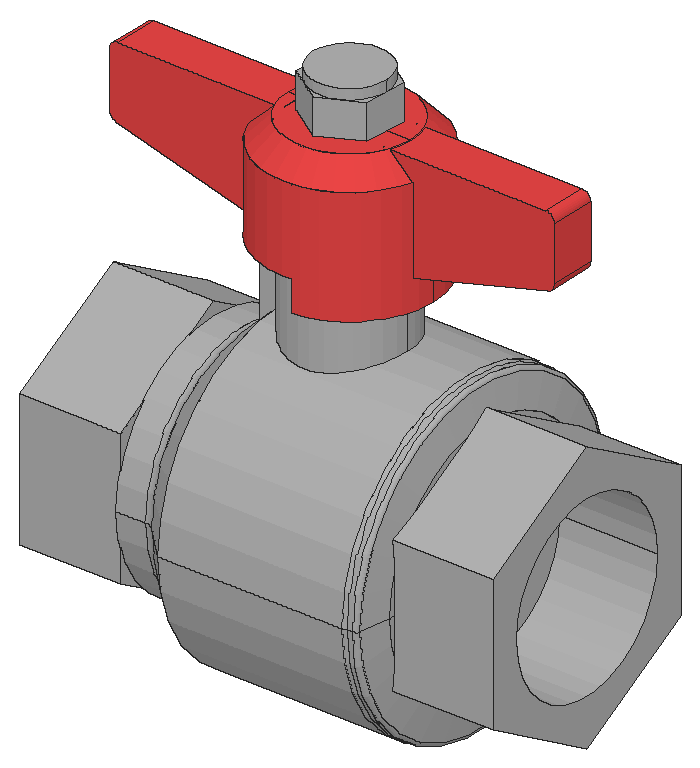
Revit family "QA00800000", category Apparecchi idraulici, Revit 2016
Family settings
  Tipo di parte = Normale
  Quota connettore circolare = Usa diametro
  Numero OmniClass = 23.45.00.00
  Titolo OmniClass = Sanitary, Laundry, and Cleaning Equipment
  Basato su piano di lavoro = No
  Sempre verticale = Sì
  Taglio con vuoti quando caricato = No
  Condiviso = No
  Punto di calcolo locali = No
Parameters
  DN Model [instance] = QA00801040 : QA00801040
  DN [instance] = 40 mm
Reference planes
  plane 1 "Centro (Fronte/Retro)": y = 0
  plane 2: z = 0
  plane 3 "Centro (Sinistra/Destra)": x = 0
Dimensions and locks
  aligned and locked: level to plane 2
Nested families
  nested 1: "QA00801040" at (0, 0, 0), type <- "DN Model", type "QA00801040"
  nested 2: "QA00801040" at (0, 0, 0), type <- "DN Model", type "QA00801040"
  nested 3: "QA00801040" at (0, 0, 0), type <- "DN Model", type "QA00801040"
  nested 4: "QA00801040" at (0, 0, 0), type <- "DN Model", type "QA00801040"
  nested 5: "QA00801040" at (0, 0, 0), type <- "DN Model", type "QA00801040"
  nested 6: "QA00801040" at (0, 0, 0), type <- "DN Model", type "QA00801040"
  nested 7: "QA00801040" at (0, 0, 0), type <- "DN Model", type "QA00801040"
Connectors
  piping at (45.988, 0, 0), diameter 40, driven by "DN"
    settings: on nested 1, index 1, connector inside diameter 609.6 mm, connector length 0 mm, flow factor 0, pipe flow 0.0 L/s, pressure drop 0.0 Pa, fitting loss kfactor 0, connector angle 0.00°, fixture units 0, engagement length 0 mm, angle of deflection 0.00°, flow configuration 0, flow direction 0, fitting loss method 0, system type 7, joint type 0, gender type 0, connector reference index -1, connector utility 0, adjustable connector no, is connector primary yes, connector description ""
  piping at (-45.712, 0, 0), diameter 40, driven by "DN"
    settings: on nested 1, index 2, connector inside diameter 609.6 mm, connector length 0 mm, flow factor 0, pipe flow 0.0 L/s, pressure drop 0.0 Pa, fitting loss kfactor 0, connector angle 0.00°, fixture units 0, engagement length 0 mm, angle of deflection 0.00°, flow configuration 0, flow direction 0, fitting loss method 0, system type 7, joint type 0, gender type 0, connector reference index -1, connector utility 0, adjustable connector no, is connector primary no, connector description ""
Definition of nested family "QA00801040"
  Reference planes
    plane 1 "Centro (Fronte/Retro)": y = 0
    plane 2: z = 0
    plane 3 "Centro (Sinistra/Destra)": x = 0
  Forms (mm)
    Revolve 1, solid
      sketch origin (0, 0, 0) x (0, 1, 0) y (-1, 0, 0)
        loop
          line (13.75, 30.5) -> (13.75, -30.971) -> (27.5, -30.971) -> (34.424, -29.75)
          arc (34.424, -29.75) -> (35.016, -29.408) -> (35.25, -28.765) r 1
          line (35.25, -28.765) -> (35.25, -27.476) -> (35.5, -26.543) -> (35.5, 14.7) -> (28.379, 21.821)
          arc (28.379, 21.821) -> (27.728, 22.795) -> (27.5, 23.943) r 3
          line (27.5, 23.943) -> (27.5, 30.5) -> (13.75, 30.5)
        axis (0, 30.5) -> (0, -30.971)
      angle from 0 to 360
    Extrusion 2, solid
      sketch origin (-16, 0, 0) x (0, 0, 1) y (0, 1, 0)
        loop
          circle (0, 0) r 20
        loop
          line (-30.3, 0) -> (-15.15, -26.241) -> (15.15, -26.241) -> (30.3, 0) -> (15.15, 26.241) -> (-15.15, 26.241) -> (-30.3, 0)
      from 14.5 to 37.05
    Extrusion 3, solid
      sketch origin (16, 0, 0) x (0, 0, 1) y (0, -1, 0)
        loop
          circle (0, 0) r 20
        loop
          line (-30.3, 0) -> (-15.15, -26.241) -> (15.15, -26.241) -> (30.3, 0) -> (15.15, 26.241) -> (-15.15, 26.241) -> (-30.3, 0)
      from 14.5 to 37.25
    Extrusion 4, solid
      sketch origin (0, 0, 58.3) x (0, 1, 0) y (-1, 0, 0)
        loop
          circle (0, 0) r 12.95
        loop
          circle (0, 0) r 8.25
      from -34.484 to 10
    Revolve 5, solid
      sketch origin (0, 0, 0) x (1, 0, 0) y (0, 0, 1)
        loop
          line (0, 78.3) -> (-13.75, 78.3) -> (-18.75, 73.3) -> (-18.75, 47.333) -> (-13.951, 47.333) -> (-13.951, 69.24) -> (0, 69.24) -> (0, 78.3)
        axis (0, 47.333) -> (0, 78.3)
      angle from 0 to 360
    Extrusion 6, solid
      sketch origin (0, 0, 58.3) x (0, 1, 0) y (-1, 0, 0)
        loop
          line (1.6, 19) -> (-1.602, 19) -> (-1.602, 6.145) -> (1.6, 6.145) -> (1.6, 19)
      from -27.95 to -6.5
    Extrusion 7, solid
      sketch origin (0, 0, 78.3) x (0, 1, 0) y (-1, 0, 0)
        loop
          line (-9.687, 0.677) -> (-5.43, -8.05) -> (4.257, -8.728) -> (9.687, -0.677) -> (5.43, 8.05) -> (-4.257, 8.728) -> (-9.687, 0.677)
      from 0 to 7.7
    Extrusion 8, solid
      sketch origin (0, 0, 78.3) x (0, 1, 0) y (-1, 0, 0)
        loop
          circle (0, 0) r 8.25
      from 7.7 to 10
    Extrusion 9, void
      sketch origin (0, 0, 78.3) x (-1, 0, 0) y (0, 1, 0)
        loop
          line (19.183, -1.602) -> (13.858, -1.602)
          arc (13.858, -1.602) -> (8.588, -10.994) -> (-1.8, -13.834) r 13.951
          line (-1.8, -13.834) -> (-1.8, -19.165)
          arc (-1.8, -19.165) -> (12.355, -14.761) -> (19.183, -1.602) r 19.249
      from 24 to 31.661
    Extrusion 10, solid
      sketch origin (0, 0, 0) x (1, 0, 0) y (0, 0, 1)
        loop
          line (-10.976, 78.25) -> (-48, 78.25)
          arc (-48, 78.25) -> (-49.414, 77.664) -> (-50, 76.25) r 2
          line (-50, 76.25) -> (-50, 64.182)
          arc (-50, 64.182) -> (-49.576, 62.95) -> (-48.484, 62.241) r 2
          line (-48.484, 62.241) -> (-17.491, 53.936) -> (-10.976, 78.25)
        loop
          line (10.976, 78.25) -> (17.491, 53.936) -> (48.484, 62.241)
          arc (48.484, 62.241) -> (49.576, 62.95) -> (50, 64.182) r 2
          line (50, 64.182) -> (50, 76.25)
          arc (50, 76.25) -> (49.414, 77.664) -> (48, 78.25) r 2
          line (48, 78.25) -> (10.976, 78.25)
      from -5.002 to 4.998
  Cuts and joins
    Extrusion 9 cuts Revolve 1
    Extrusion 9 cuts Extrusion 4
    joined: Revolve 1, Extrusion 4
    Extrusion 9 cuts Extrusion 6
    Extrusion 9 cuts Revolve 5
  Dimensions and locks
    aligned and locked: level to plane 2
